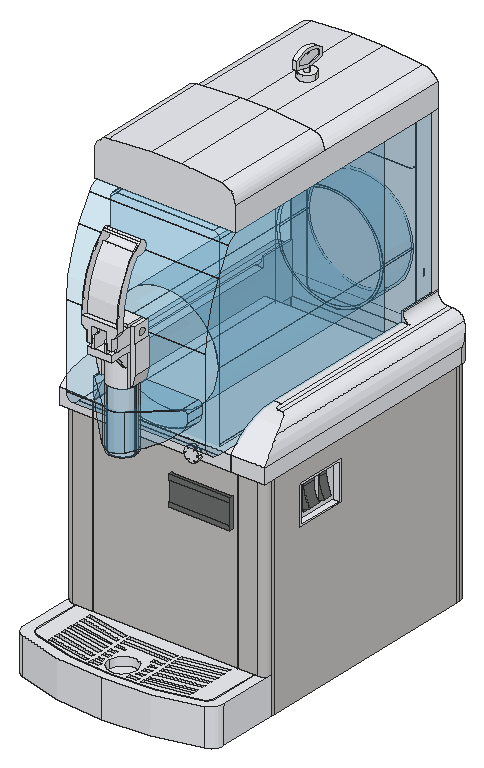
Revit family "QF_ELECTROLUXPROFESSIONAL_560103_SP1NewLUK", category Specialty Equipment, Revit 2018
Family settings
  Round Connector Dimension = Use Diameter
  Part Type = Normal
  Work Plane-Based = No
  Always vertical = Yes
  Cut with Voids When Loaded = No
  Shared = No
  Room Calculation Point = No
Parameters (values of type "Standard")
  Weight = 28.00 kg
  Watts = 0 W
  Volts = 220 V
  URL Manufacturer = "http://professional.electrolux.com"
  URL = "http://professional.electrolux.com"
  Steam Supply Size = 0 mm
  Steam Supply Minimum Pressure = 0.0 Pa
  Steam Supply Maximum Pressure = 0.0 Pa
  Steam Pounds per Hour = 0
  Refrigeration Suction Line Size = 0 mm
  Refrigeration Liquid Line Size = 0 mm
  Refrigerant Compressor Remote = yes
  Manufacturer = "Electrolux Professional"
  Phase = 1
  Model = "SP1NewLUK"
  Length Actual = 262 mm  # constant formula
  Item Number = "560103"
  Hot Water Size = 0 mm
  Height Actual = 613 mm  # constant formula
  HP = "0.4 HP"
  Gas Size = 0 mm
  Gas KW = 0
  Gas Input Pressure = 0 W
  Direct Waste Size = 0 mm
  Description = "1x5 LITERS BOWL - FROZEN GRANITA AND FROZEN CREAM DISPENSER -  1 INSULATED BOWL - LED LIGHT - UK"
  Depth Actual = 429 mm  # constant formula
  Cycle = 50 Hz
  Condensate Return Size = 0 mm
  Compressed Air Volume = 0.0 L/s
  Compressed Air Size = 0 mm
  Compressed Air Pressure = 0.0 Pa
  Cold Water Size = 0 mm
  Accessory = yes
Reference planes
  plane 1 "Center (Front/Back)": y = 0
  plane 2 "BASE": z = 0
  plane 3 "Center (Left/Right)": x = 0
  plane 4 "FEET": z = 14
  plane 5 "BACK": y = 212
  plane 6 "LEFT": x = -131
  plane 7 "RIGHT": x = 131
  plane 8: y = 169
  plane 9: y = -118.5
  plane 10 "Erogatore": through (0, -232.305, 334.252) normal (0, -0.5736, 0.8192)
  plane 11: y = -81
  plane 12 "BackButton": z = 362.798
  plane 13 "SlopeBack": through (0, 294.5, 470.764) normal (0, 0.9659, 0.2588)
  plane 14 "TOP": z = 640
  plane 15 "FRONT": y = -216
Forms (mm)
  Extrusion 1, solid, material "QF_Finishes_Rubber Black"
    sketch origin (-29, 0, 0) x (1, 0, 0) y (0, 1, 0)
      loop
        circle (-71, 169) r 12.5
    from 0 to 3
  Blend 2, solid
    base sketch origin (-29, 0, 0) x (1, 0, 0) y (0, 1, 0)
      loop
        circle (-71, 169) r 15.5
    top sketch origin (-29, 0, 0) x (1, 0, 0) y (0, 1, 0)
      loop
        circle (-71, 169) r 17
    from 3 to 14
  Extrusion 3, solid, material "QF_Finishes_Rubber Black"
    sketch origin (171, 0, 0) x (1, 0, 0) y (0, 1, 0)
      loop
        circle (-71, 169) r 12.5
    from 0 to 3
  Blend 4, solid
    base sketch origin (171, 0, 0) x (1, 0, 0) y (0, 1, 0)
      loop
        circle (-71, 169) r 15.5
    top sketch origin (171, 0, 0) x (1, 0, 0) y (0, 1, 0)
      loop
        circle (-71, 169) r 17
    from 3 to 14
  Extrusion 5, solid, material "QF_Finishes_Rubber Black"
    sketch origin (171, -267.5, 0) x (1, 0, 0) y (0, 1, 0)
      loop
        circle (-71, 186.5) r 12.5
    from 0 to 3
  Blend 6, solid
    base sketch origin (171, -267.5, 0) x (1, 0, 0) y (0, 1, 0)
      loop
        circle (-71, 186.5) r 15.5
    top sketch origin (171, -267.5, 0) x (1, 0, 0) y (0, 1, 0)
      loop
        circle (-71, 186.5) r 17
    from 3 to 14
  Extrusion 7, solid, material "QF_Finishes_Rubber Black"
    sketch origin (-29, -267.5, 0) x (1, 0, 0) y (0, 1, 0)
      loop
        circle (-71, 186.5) r 12.5
    from 0 to 3
  Blend 8, solid
    base sketch origin (-29, -267.5, 0) x (1, 0, 0) y (0, 1, 0)
      loop
        circle (-71, 186.5) r 15.5
    top sketch origin (-29, -267.5, 0) x (1, 0, 0) y (0, 1, 0)
      loop
        circle (-71, 186.5) r 17
    from 3 to 14
  Extrusion 9, solid, material "Glass"
    sketch origin (0, 212, 0) x (-1, 0, 0) y (0, 0, 1)
      loop
        circle (0, 394.542) r 65
      loop
        circle (0, 394.542) r 68
    from -59.276 to -10
  Extrusion 10, solid, material "QF_Finishes_White"
    sketch origin (0.189, -212, -123.048) x (-1, 0, 0) y (0, 0, 1)
      loop
        line (41.631, 426.74) -> (42.799, 423.85)
        arc (42.799, 423.85) -> (41.998, 423.46) -> (41.26, 422.962) r 6.382
        line (41.26, 422.962) -> (39.342, 425.418)
        arc (39.342, 425.418) -> (36.964, 422.682) -> (35.784, 419.255) r 9.498
        line (35.784, 419.255) -> (38.87, 418.821)
        arc (38.87, 418.821) -> (38.808, 417.933) -> (38.87, 417.045) r 6.382
        line (38.87, 417.045) -> (35.784, 416.611)
        arc (35.784, 416.611) -> (36.964, 413.184) -> (39.342, 410.449) r 9.498
        line (39.342, 410.449) -> (41.26, 412.904)
        arc (41.26, 412.904) -> (41.998, 412.406) -> (42.799, 412.016) r 6.382
        line (42.799, 412.016) -> (41.631, 409.127)
        arc (41.631, 409.127) -> (45.189, 408.435) -> (48.747, 409.127) r 9.498
        line (48.747, 409.127) -> (47.58, 412.016)
        arc (47.58, 412.016) -> (48.38, 412.406) -> (49.118, 412.904) r 6.382
        line (49.118, 412.904) -> (51.037, 410.449)
        arc (51.037, 410.449) -> (53.415, 413.184) -> (54.595, 416.611) r 9.498
        line (54.595, 416.611) -> (51.509, 417.045)
        arc (51.509, 417.045) -> (51.571, 417.933) -> (51.509, 418.821) r 6.382
        line (51.509, 418.821) -> (54.595, 419.255)
        arc (54.595, 419.255) -> (53.415, 422.682) -> (51.037, 425.418) r 9.498
        line (51.037, 425.418) -> (49.118, 422.962)
        arc (49.118, 422.962) -> (48.38, 423.46) -> (47.58, 423.85) r 6.382
        line (47.58, 423.85) -> (48.747, 426.74)
        arc (48.747, 426.74) -> (45.189, 427.431) -> (41.631, 426.74) r 9.498
    from 86.951 to 91.847
  Extrusion 11, solid, material "QF_Finishes_White"
    sketch origin (0, 48.357, 801) x (-1, 0, 0) y (0, -1, 0)
      loop
        circle (0, 226.958) r 15.5
    from -371.98 to -493
  Extrusion 12, solid, material "Glass"
    sketch origin (0, 48.357, 801) x (-1, 0, 0) y (0, -1, 0)
      loop
        circle (0, 226.958) r 18
      loop
        circle (0, 226.958) r 16
    from -413.102 to -493
  Extrusion 13, solid, material "QF_Finishes_White"
    sketch origin (0, 48.357, 801) x (-1, 0, 0) y (0, -1, 0)
      loop
        arc (-15.227, 216.452) -> (0, 208.458) -> (15.227, 216.452) r 18.5
        line (15.227, 216.452) -> (15.227, 237.464)
        arc (15.227, 237.464) -> (0, 245.458) -> (-15.227, 237.464) r 18.5
        line (-15.227, 237.464) -> (-15.227, 216.452)
    from -371.98 to -413.102
  Extrusion 14, solid, material "QF_Finishes_White"
    sketch origin (0, 55.382, 805.556) x (-1, 0, 0) y (0, -1, 0)
      loop
        line (15.227, 271.382) -> (-15.227, 271.382) -> (-15.227, 213.658) -> (15.227, 213.658) -> (15.227, 271.382)
    from -368.017 to -376.536
  Extrusion 15, solid, material "QF_Finishes_White"
    sketch origin (0, 53.382, -125.444) x (0, 1, 0) y (0, 0, 1)
      loop
        line (-261.382, 594.51) -> (-261.382, 596.294)
        arc (-261.382, 596.294) -> (-255.05, 633.384) -> (-236.771, 666.272) r 111.793
        arc (-236.771, 666.272) -> (-224.219, 671.737) -> (-234.339, 680.956) r 8.155
        arc (-234.339, 680.956) -> (-260.275, 642.108) -> (-269.382, 596.294) r 119.793
        line (-269.382, 596.294) -> (-269.382, 594.51) -> (-261.382, 594.51)
    from 23.02 to -23.02
  Extrusion 16, void
    sketch origin (0, -212, -130.102) x (-1, 0, 0) y (0, 0, 1)
      loop
        line (-23.02, 594.51) -> (-23.02, 567.641) -> (-15.227, 567.641) -> (-15.227, 586.659)
        arc (-15.227, 586.659) -> (-20.449, 589.269) -> (-23.02, 594.51) r 9.122
      loop
        arc (23.02, 594.51) -> (20.449, 589.269) -> (15.227, 586.659) r 9.122
        line (15.227, 586.659) -> (15.227, 567.641) -> (23.02, 567.641) -> (23.02, 594.51)
      loop
        line (-10.018, 592.641) -> (-10.018, 567.641) -> (9.982, 567.641) -> (9.982, 592.641) -> (-10.018, 592.641)
    from 4 to -4
  Extrusion 17, void
    sketch origin (0, 53.382, -125.444) x (0, 1, 0) y (0, 0, 1)
      loop
        arc (-238.506, 676.569) -> (-261.397, 639.298) -> (-269.382, 596.294) r 119.793
        line (-269.382, 596.294) -> (-262.382, 596.294)
        arc (-262.382, 596.294) -> (-255.831, 634.173) -> (-236.94, 667.653) r 112.793
        arc (-236.94, 667.653) -> (-225.218, 674.307) -> (-238.506, 676.569) r 7.155
    from 22 to -22
  Extrusion 18, solid, material "QF_Finishes_White"
    sketch origin (-131, 53.382, -125.444) x (0, 1, 0) y (0, 0, 1)
      loop
        line (-261.382, 596.294) -> (-269.382, 596.294) -> (-269.382, 567.641) -> (-261.382, 567.641) -> (-261.382, 596.294)
    from 154.02 to 107.98
  Extrusion 19, solid, material "QF_Finishes_White"
    sketch origin (-131, 55.382, -130.102) x (0, 1, 0) y (0, 0, 1)
      loop
        line (-263.382, 567.641) -> (-223.382, 567.641) -> (-223.382, 587.641) -> (-256.513, 587.641)
        arc (-256.513, 587.641) -> (-261.37, 589.653) -> (-263.382, 594.51) r 6.869
        line (-263.382, 594.51) -> (-263.382, 567.641)
    from 115.773 to 107.98
  Extrusion 20, solid, material "QF_Finishes_White"
    sketch origin (-131, 55.382, -130.102) x (0, 1, 0) y (0, 0, 1)
      loop
        line (-263.382, 567.641) -> (-224.483, 567.641) -> (-224.483, 587.641) -> (-256.513, 587.641)
        arc (-256.513, 587.641) -> (-261.37, 589.653) -> (-263.382, 594.51) r 6.869
        line (-263.382, 594.51) -> (-263.382, 567.641)
    from 115.773 to 121.018
  Extrusion 21, solid, material "QF_Finishes_White"
    sketch origin (-131, 55.382, -125.444) x (0, 1, 0) y (0, 0, 1)
      loop
        line (-248.575, 539.464) -> (-246.902, 539.464) -> (-246.902, 554.464) -> (-261.615, 554.464) -> (-248.575, 539.464)
    from 115.773 to 118.85
  Extrusion 22, solid, material "QF_Finishes_White"
    sketch origin (-131, 55.382, -125.444) x (0, 1, 0) y (0, 0, 1)
      loop
        line (-246.902, 554.464) -> (-261.615, 554.464) -> (-248.575, 539.464) -> (-246.902, 539.464) -> (-246.902, 554.464)
    from 143.221 to 146.227
  Extrusion 23, solid, material "QF_Finishes_White"
    sketch origin (-131, 55.382, -125.444) x (0, 1, 0) y (0, 0, 1)
      loop
        line (-263.382, 562.983) -> (-224.483, 562.983) -> (-224.483, 582.983) -> (-256.513, 582.983)
        arc (-256.513, 582.983) -> (-261.37, 584.995) -> (-263.382, 589.852) r 6.869
        line (-263.382, 589.852) -> (-263.382, 562.983)
    from 141.018 to 146.227
  Extrusion 24, solid, material "QF_Finishes_White"
    sketch origin (-131, 53.382, -130.102) x (0, 1, 0) y (0, 0, 1)
      loop
        line (-269.382, 567.641) -> (-221.382, 567.641) -> (-221.382, 586.659) -> (-258.382, 586.659)
        arc (-258.382, 586.659) -> (-260.503, 585.78) -> (-261.382, 583.659) r 3
        line (-261.382, 583.659) -> (-261.382, 582.15) -> (-266.382, 582.15)
        arc (-266.382, 582.15) -> (-268.503, 581.271) -> (-269.382, 579.15) r 3
        line (-269.382, 579.15) -> (-269.382, 567.641)
    from 124.546 to 121.018
  Extrusion 25, solid, material "QF_Finishes_White"
    sketch origin (-131, 65.803, -125.444) x (0, 1, 0) y (0, 0, 1)
      loop
        line (-281.803, 562.983) -> (-234.904, 562.983) -> (-234.904, 582.001) -> (-270.803, 582.001)
        arc (-270.803, 582.001) -> (-272.924, 581.122) -> (-273.803, 579.001) r 3
        line (-273.803, 579.001) -> (-273.803, 577.492) -> (-278.803, 577.492)
        arc (-278.803, 577.492) -> (-280.924, 576.613) -> (-281.803, 574.492) r 3
        line (-281.803, 574.492) -> (-281.803, 562.983)
    from 137.49 to 141.018
  Extrusion 26, solid, material "QF_Finishes_White"
    sketch origin (0, -212, -125.444) x (-1, 0, 0) y (0, 0, 1)
      loop
        line (-18, 517.898) -> (-18, 586.659) -> (-23.482, 586.659) -> (-23.482, 567.641) -> (-24.969, 567.641) -> (-24.969, 530.88) -> (-21, 517.898) -> (-18, 517.898)
      loop
        line (18, 517.898) -> (21, 517.898) -> (24.969, 530.88) -> (24.969, 567.641) -> (23.482, 567.641) -> (23.482, 586.659) -> (18, 586.659) -> (18, 517.898)
    from 43.905 to 22.893
  Extrusion 27, solid, material "QF_Finishes_White"
    sketch origin (0, 65.803, 805.556) x (-1, 0, 0) y (0, -1, 0)
      loop
        line (-15.227, 254.91) -> (-15.227, 233.898) -> (15.227, 233.898) -> (15.227, 254.91) -> (-15.227, 254.91)
    from -344.341 to -348.017
  Extrusion 28, void
    sketch origin (0, 56.778, -130) x (0, 1, 0) y (0, 0, 1)
      loop
        circle (-234.353, 582.005) r 3.978
    from 24.969 to -24.969
  Extrusion 29, solid, material "QF_Finishes_Stainless Steel"
    sketch origin (0, 56.226, -130) x (0, 1, 0) y (0, 0, 1)
      loop
        circle (-234.353, 582.005) r 3.978
    from 24 to -24
  Extrusion 30, solid, material "QF_Finishes_Stainless Steel"
    sketch origin (140, 25, 14) x (-1, 0, 0) y (0, -1, 0)
      loop
        circle (71, 81) r 10
    from 0 to -10
  Extrusion 31, void
    sketch origin (0, 240.916, -140) x (0, 0, 1) y (-1, 0, 0)
      loop
        line (496.312, -81.169) -> (519.521, -81.169)
        arc (519.521, -81.169) -> (523.021, -77.669) -> (519.521, -74.169) r 3.5
        line (519.521, -74.169) -> (496.312, -74.169)
        arc (496.312, -74.169) -> (492.812, -77.669) -> (496.312, -81.169) r 3.5
    from 28.916 to 38.079
  Extrusion 32, solid, material "QF_Finishes_Red"
    sketch origin (0, 240.916, -140) x (0, 0, 1) y (-1, 0, 0)
      loop
        line (507.945, -79.669) -> (517.521, -79.669) -> (517.521, -75.669) -> (507.945, -75.669) -> (507.945, -79.669)
    from 32.664 to 38.079
  Extrusion 33, solid, material "QF_Finishes_Stainless Steel"
    sketch origin (131, 0, 0) x (0, -1, 0) y (0, 0, 1)
      loop
        line (-195.256, 14) -> (96.764, 14) -> (96.764, 286) -> (-195.256, 286) -> (-195.256, 14)
      loop
        line (55.71, 260.287) -> (-9.29, 260.287) -> (-9.29, 210.287) -> (55.71, 210.287) -> (55.71, 260.287)
    from 6 to 3
  Extrusion 34, solid, material "QF_Finishes_Stainless Steel"
    sketch origin (-133, 0, 0) x (0, -1, 0) y (0, 0, -1)
      loop
        line (-195.256, -14) -> (-195.256, -286) -> (96.764, -286) -> (96.764, -14) -> (-195.256, -14)
    from 8 to 5
  Extrusion 35, solid, material "QF_Finishes_Stainless Steel"
    sketch origin (0, 0, 14) x (-1, 0, 0) y (0, -1, 0)
      loop
        line (-128, 100.829) -> (-128, 96.764) -> (-125, 96.764) -> (-125, 100.829)
        arc (-125, 100.829) -> (-122.95, 105.778) -> (-118, 107.829) r 7
        line (-118, 107.829) -> (-93.157, 107.829) -> (-93.157, 110.829) -> (-118, 110.829)
        arc (-118, 110.829) -> (-125.071, 107.9) -> (-128, 100.829) r 10
    from 0 to 272
  Extrusion 36, solid, material "QF_Finishes_Stainless Steel"
    sketch origin (0, 0, 14) x (1, 0, 0) y (0, 1, 0)
      loop
        arc (-128, -100.829) -> (-125.071, -107.9) -> (-118, -110.829) r 10
        line (-118, -110.829) -> (-93.157, -110.829) -> (-93.157, -107.829) -> (-118, -107.829)
        arc (-118, -107.829) -> (-122.95, -105.778) -> (-125, -100.829) r 7
        line (-125, -100.829) -> (-125, -96.764) -> (-128, -96.764) -> (-128, -100.829)
    from 0 to 272
  Extrusion 37, solid, material "QF_Finishes_Stainless Steel"
    sketch origin (0, 98.492, 14) x (-1, 0, 0) y (0, -1, 0)
      loop
        arc (-128, -100.829) -> (-125.071, -107.9) -> (-118, -110.829) r 10
        line (-118, -110.829) -> (-93.157, -110.829) -> (-93.157, -107.829) -> (-118, -107.829)
        arc (-118, -107.829) -> (-122.95, -105.778) -> (-125, -100.829) r 7
        line (-125, -100.829) -> (-125, -96.764) -> (-128, -96.764) -> (-128, -100.829)
    from 0 to 272
  Extrusion 38, solid, material "QF_Finishes_Stainless Steel"
    sketch origin (0, 98.492, 14) x (1, 0, 0) y (0, 1, 0)
      loop
        line (-128, 100.829) -> (-128, 96.764) -> (-125, 96.764) -> (-125, 100.829)
        arc (-125, 100.829) -> (-122.95, 105.778) -> (-118, 107.829) r 7
        line (-118, 107.829) -> (-93.157, 107.829) -> (-93.157, 110.829) -> (-118, 110.829)
        arc (-118, 110.829) -> (-125.071, 107.9) -> (-128, 100.829) r 10
    from 0 to 272
  Extrusion 39, solid, material "QF_Finishes_White"
    sketch origin (0, 0, 14) x (-1, 0, 0) y (0, -1, 0)
      loop
        line (93.157, -209.321) -> (93.157, -206.321) -> (-93.157, -206.321) -> (-93.157, -209.321) -> (93.157, -209.321)
    from 0 to 272
  Extrusion 40, solid, material "QF_Finishes_Stainless Steel"
    sketch origin (0, 0, 14) x (-1, 0, 0) y (0, -1, 0)
      loop
        line (93.157, 107.829) -> (93.157, 110.829) -> (-93.157, 110.829) -> (-93.157, 107.829) -> (93.157, 107.829)
    from 0 to 272
  Extrusion 41, solid, material "QF_Finishes_White"
    sketch origin (0, 212, 0) x (-1, 0, 0) y (0, 0, 1)
      loop
        line (-88, 286) -> (-88, 351) -> (-90.028, 351) -> (-90.028, 349.598)
        arc (-90.028, 349.598) -> (-93.627, 340.909) -> (-102.317, 337.309) r 12.289
        line (-102.317, 337.309) -> (-109.296, 337.309)
        arc (-109.296, 337.309) -> (-117.695, 334.961) -> (-123.658, 328.597) r 16.194
        arc (-123.658, 328.597) -> (-129.118, 317.88) -> (-131, 306) r 38.445
        line (-131, 306) -> (-131, 286) -> (-88, 286)
      loop
        line (88, 286) -> (131, 286) -> (131, 306)
        arc (131, 306) -> (129.118, 317.88) -> (123.658, 328.597) r 38.445
        arc (123.658, 328.597) -> (117.695, 334.961) -> (109.296, 337.309) r 16.194
        line (109.296, 337.309) -> (102.317, 337.309)
        arc (102.317, 337.309) -> (93.627, 340.909) -> (90.028, 349.598) r 12.289
        line (90.028, 349.598) -> (90.028, 351) -> (88, 351) -> (88, 286)
    from 0 to -327.977
  Extrusion 42, void
    sketch origin (0, 0, 0) x (0, 1, 0) y (0, 0, 1)
      loop
        line (157, 351) -> (-115.977, 351) -> (-115.977, 306)
        arc (-115.977, 306) -> (-85.566, 329.6) -> (-48, 338) r 88.201
        line (-48, 338) -> (157, 338) -> (157, 351)
    from -135 to 135
  Extrusion 43, solid, material "Glass"
    sketch origin (0, 212, 0) x (-1, 0, 0) y (0, 0, 1)
      loop
        circle (0, 394.542) r 68
      loop
        line (69.972, 309) -> (69.972, 543)
        arc (69.972, 543) -> (67.629, 548.657) -> (61.972, 551) r 8
        line (61.972, 551) -> (-62.028, 551)
        arc (-62.028, 551) -> (-67.685, 548.657) -> (-70.028, 543) r 8
        line (-70.028, 543) -> (-70.028, 308.956)
        arc (-70.028, 308.956) -> (-67.698, 303.33) -> (-62.072, 301) r 7.956
        line (-62.072, 301) -> (61.972, 301)
        arc (61.972, 301) -> (67.629, 303.343) -> (69.972, 309) r 8
    from -59.276 to -322.829
  Extrusion 44, solid, material "QF_Finishes_White"
    sketch origin (0, 212, 0) x (-1, 0, 0) y (0, 0, 1)
      loop
        line (90.028, 558.048) -> (90.028, 589.456)
        arc (90.028, 589.456) -> (84.981, 602.738) -> (72.387, 609.316) r 20
        arc (72.387, 609.316) -> (44.744, 611.967) -> (17.01, 613.364) r 613.713
        arc (17.01, 613.364) -> (-1.88, 613.597) -> (-20.769, 613.248) r 613.713
        arc (-20.769, 613.248) -> (-46.619, 611.827) -> (-72.387, 609.316) r 613.713
        arc (-72.387, 609.316) -> (-84.981, 602.738) -> (-90.028, 589.456) r 20
        line (-90.028, 589.456) -> (-90.028, 558.048) -> (90.028, 558.048)
    from -323 to 0
  Extrusion 45, solid, material "QF_Finishes_White"
    sketch origin (0, -212, 0) x (-1, 0, 0) y (0, 0, 1)
      loop
        line (88, 306) -> (-88, 306) -> (-88, 286) -> (88, 286) -> (88, 306)
    from 96.023 to 369
  Extrusion 46, solid, material "QF_Finishes_White"
    sketch origin (-0.189, -212, -123.048) x (1, 0, 0) y (0, 0, -1)
      loop
        arc (41.631, -426.74) -> (45.189, -427.431) -> (48.747, -426.74) r 9.498
        line (48.747, -426.74) -> (47.58, -423.85)
        arc (47.58, -423.85) -> (48.38, -423.46) -> (49.118, -422.962) r 6.382
        line (49.118, -422.962) -> (51.037, -425.418)
        arc (51.037, -425.418) -> (53.415, -422.682) -> (54.595, -419.255) r 9.498
        line (54.595, -419.255) -> (51.509, -418.821)
        arc (51.509, -418.821) -> (51.571, -417.933) -> (51.509, -417.045) r 6.382
        line (51.509, -417.045) -> (54.595, -416.611)
        arc (54.595, -416.611) -> (53.415, -413.184) -> (51.037, -410.449) r 9.498
        line (51.037, -410.449) -> (49.118, -412.904)
        arc (49.118, -412.904) -> (48.38, -412.406) -> (47.58, -412.016) r 6.382
        line (47.58, -412.016) -> (48.747, -409.127)
        arc (48.747, -409.127) -> (45.189, -408.435) -> (41.631, -409.127) r 9.498
        line (41.631, -409.127) -> (42.799, -412.016)
        arc (42.799, -412.016) -> (41.998, -412.406) -> (41.26, -412.904) r 6.382
        line (41.26, -412.904) -> (39.342, -410.449)
        arc (39.342, -410.449) -> (36.964, -413.184) -> (35.784, -416.611) r 9.498
        line (35.784, -416.611) -> (38.87, -417.045)
        arc (38.87, -417.045) -> (38.808, -417.933) -> (38.87, -418.821) r 6.382
        line (38.87, -418.821) -> (35.784, -419.255)
        arc (35.784, -419.255) -> (36.964, -422.682) -> (39.342, -425.418) r 9.498
        line (39.342, -425.418) -> (41.26, -422.962)
        arc (41.26, -422.962) -> (41.998, -423.46) -> (42.799, -423.85) r 6.382
        line (42.799, -423.85) -> (41.631, -426.74)
    from 86.951 to 91.847
  Extrusion 47, solid, material "QF_Finishes_Rubber Black"
    sketch origin (0, 0, 0) x (0, 1, 0) y (0, 0, 1)
      loop
        line (-110.829, 255.595) -> (-115.977, 255.595) -> (-115.977, 249.595) -> (-115.179, 249.595) -> (-115.179, 223.805) -> (-115.977, 223.805) -> (-115.977, 217.805) -> (-110.829, 217.805) -> (-110.829, 255.595)
    from 8.945 to 86.168
  Extrusion 48, solid, material "QF_Finishes_White"
    sketch origin (0, 0, 14) x (-1, 0, 0) y (0, -1, 0)
      loop
        line (128, 100.829) -> (128, 176.764)
        arc (128, 176.764) -> (124.847, 186.764) -> (116.528, 193.147) r 17.434
        arc (116.528, 193.147) -> (59.156, 208.086) -> (0, 212) r 314.7
        arc (0, 212) -> (-59.156, 208.086) -> (-116.528, 193.147) r 314.7
        arc (-116.528, 193.147) -> (-124.847, 186.764) -> (-128, 176.764) r 17.434
        line (-128, 176.764) -> (-128, 100.829)
        arc (-128, 100.829) -> (-125.071, 107.9) -> (-118, 110.829) r 10
        line (-118, 110.829) -> (-114, 110.829) -> (-114, 172.813)
        arc (-114, 172.813) -> (-111.75, 179.808) -> (-105.843, 184.18) r 12
        arc (-105.843, 184.18) -> (-53.626, 196.802) -> (0, 199.995) r 302.7
        arc (0, 199.995) -> (53.626, 196.802) -> (105.843, 184.18) r 302.7
        arc (105.843, 184.18) -> (111.75, 179.808) -> (114, 172.813) r 12
        line (114, 172.813) -> (114, 110.829) -> (118, 110.829)
        arc (118, 110.829) -> (125.071, 107.9) -> (128, 100.829) r 10
    from 0 to 47
  Extrusion 49, solid, material "QF_Finishes_White"
    sketch origin (0, 0, 14) x (-1, 0, 0) y (0, -1, 0)
      loop
        arc (114, 172.813) -> (111.75, 179.808) -> (105.843, 184.18) r 12
        arc (105.843, 184.18) -> (53.626, 196.802) -> (0, 199.995) r 302.7
        arc (0, 199.995) -> (-53.626, 196.802) -> (-105.843, 184.18) r 302.7
        arc (-105.843, 184.18) -> (-111.75, 179.808) -> (-114, 172.813) r 12
        line (-114, 172.813) -> (-114, 110.829) -> (114, 110.829) -> (114, 172.813)
    from 36.6 to 47
  Extrusion 50, solid, material "QF_Finishes_White"
    sketch origin (0, 0, 14) x (-1, 0, 0) y (0, -1, 0)
      loop
        arc (114, 172.813) -> (111.75, 179.808) -> (105.843, 184.18) r 12
        arc (105.843, 184.18) -> (53.626, 196.802) -> (0, 199.995) r 302.7
        arc (0, 199.995) -> (-53.626, 196.802) -> (-105.843, 184.18) r 302.7
        arc (-105.843, 184.18) -> (-111.75, 179.808) -> (-114, 172.813) r 12
        line (-114, 172.813) -> (-114, 110.829) -> (114, 110.829) -> (114, 172.813)
    from 0 to 10
  Extrusion 51, void
    sketch origin (0, 0, 14) x (-1, 0, 0) y (0, -1, 0)
      loop
        circle (0, 178.601) r 18.039
      loop
        line (35.093, 193.971) -> (35.093, 188.951)
        arc (35.093, 188.951) -> (62.934, 185.094) -> (90.277, 178.584) r 292.7
        line (90.277, 178.584) -> (90.277, 183.786)
        arc (90.277, 183.786) -> (62.925, 190.182) -> (35.093, 193.971) r 297.7
      loop
        line (35.093, 183.971) -> (35.093, 178.951)
        arc (35.093, 178.951) -> (62.934, 175.094) -> (90.277, 168.584) r 292.7
        line (90.277, 168.584) -> (90.277, 173.786)
        arc (90.277, 173.786) -> (62.925, 180.182) -> (35.093, 183.971) r 297.7
      loop
        line (35.093, 173.971) -> (35.093, 168.951)
        arc (35.093, 168.951) -> (62.934, 165.094) -> (90.277, 158.584) r 292.7
        line (90.277, 158.584) -> (90.277, 163.786)
        arc (90.277, 163.786) -> (62.925, 170.182) -> (35.093, 173.971) r 297.7
      loop
        line (35.093, 163.971) -> (35.093, 158.951)
        arc (35.093, 158.951) -> (62.934, 155.094) -> (90.277, 148.584) r 292.7
        line (90.277, 148.584) -> (90.277, 153.786)
        arc (90.277, 153.786) -> (62.925, 160.182) -> (35.093, 163.971) r 297.7
      loop
        line (35.093, 153.971) -> (35.093, 148.951)
        arc (35.093, 148.951) -> (62.934, 145.094) -> (90.277, 138.584) r 292.7
        line (90.277, 138.584) -> (90.277, 143.786)
        arc (90.277, 143.786) -> (62.925, 150.182) -> (35.093, 153.971) r 297.7
      loop
        line (35.093, 143.971) -> (35.093, 138.951)
        arc (35.093, 138.951) -> (62.934, 135.094) -> (90.277, 128.584) r 292.7
        line (90.277, 128.584) -> (90.277, 133.786)
        arc (90.277, 133.786) -> (62.925, 140.182) -> (35.093, 143.971) r 297.7
      loop
        line (35.093, 133.971) -> (35.093, 128.951)
        arc (35.093, 128.951) -> (62.934, 125.094) -> (90.277, 118.584) r 292.7
        line (90.277, 118.584) -> (90.277, 123.786)
        arc (90.277, 123.786) -> (62.925, 130.182) -> (35.093, 133.971) r 297.7
      loop
        arc (-35.093, 193.971) -> (-62.925, 190.182) -> (-90.277, 183.786) r 297.7
        line (-90.277, 183.786) -> (-90.277, 178.584)
        arc (-90.277, 178.584) -> (-62.934, 185.094) -> (-35.093, 188.951) r 292.7
        line (-35.093, 188.951) -> (-35.093, 193.971)
      loop
        arc (-35.093, 183.971) -> (-62.925, 180.182) -> (-90.277, 173.786) r 297.7
        line (-90.277, 173.786) -> (-90.277, 168.584)
        arc (-90.277, 168.584) -> (-62.934, 175.094) -> (-35.093, 178.951) r 292.7
        line (-35.093, 178.951) -> (-35.093, 183.971)
      loop
        arc (-35.093, 173.971) -> (-62.925, 170.182) -> (-90.277, 163.786) r 297.7
        line (-90.277, 163.786) -> (-90.277, 158.584)
        arc (-90.277, 158.584) -> (-62.934, 165.094) -> (-35.093, 168.951) r 292.7
        line (-35.093, 168.951) -> (-35.093, 173.971)
      loop
        arc (-35.093, 163.971) -> (-62.925, 160.182) -> (-90.277, 153.786) r 297.7
        line (-90.277, 153.786) -> (-90.277, 148.584)
        arc (-90.277, 148.584) -> (-62.934, 155.094) -> (-35.093, 158.951) r 292.7
        line (-35.093, 158.951) -> (-35.093, 163.971)
      loop
        arc (-35.093, 153.971) -> (-62.925, 150.182) -> (-90.277, 143.786) r 297.7
        line (-90.277, 143.786) -> (-90.277, 138.584)
        arc (-90.277, 138.584) -> (-62.934, 145.094) -> (-35.093, 148.951) r 292.7
        line (-35.093, 148.951) -> (-35.093, 153.971)
      loop
        arc (-35.093, 143.971) -> (-62.925, 140.182) -> (-90.277, 133.786) r 297.7
        line (-90.277, 133.786) -> (-90.277, 128.584)
        arc (-90.277, 128.584) -> (-62.934, 135.094) -> (-35.093, 138.951) r 292.7
        line (-35.093, 138.951) -> (-35.093, 143.971)
      loop
        arc (-35.093, 133.971) -> (-62.925, 130.182) -> (-90.277, 123.786) r 297.7
        line (-90.277, 123.786) -> (-90.277, 118.584)
        arc (-90.277, 118.584) -> (-62.934, 125.094) -> (-35.093, 128.951) r 292.7
        line (-35.093, 128.951) -> (-35.093, 133.971)
      loop
        arc (30.3, 194.288) -> (24.151, 194.546) -> (18, 194.745) r 649.216
        line (18, 194.745) -> (18, 189.743)
        arc (18, 189.743) -> (24.151, 189.542) -> (30.3, 189.282) r 644.216
        line (30.3, 189.282) -> (30.3, 194.288)
      loop
        line (-30.3, 194.288) -> (-30.3, 189.282)
        arc (-30.3, 189.282) -> (-24.151, 189.542) -> (-18, 189.743) r 644.216
        line (-18, 189.743) -> (-18, 194.745)
        arc (-18, 194.745) -> (-24.151, 194.546) -> (-30.3, 194.288) r 649.216
      loop
        arc (30.3, 184.288) -> (25.651, 184.488) -> (21, 184.655) r 649.216
        line (21, 184.655) -> (21, 179.653)
        arc (21, 179.653) -> (25.651, 179.484) -> (30.3, 179.282) r 644.216
        line (30.3, 179.282) -> (30.3, 184.288)
      loop
        arc (30.3, 174.288) -> (25.651, 174.488) -> (21, 174.655) r 649.216
        line (21, 174.655) -> (21, 169.653)
        arc (21, 169.653) -> (25.651, 169.484) -> (30.3, 169.282) r 644.216
        line (30.3, 169.282) -> (30.3, 174.288)
      loop
        arc (30.3, 164.288) -> (25.651, 164.488) -> (21, 164.655) r 649.216
        line (21, 164.655) -> (21, 159.653)
        arc (21, 159.653) -> (25.651, 159.484) -> (30.3, 159.282) r 644.216
        line (30.3, 159.282) -> (30.3, 164.288)
      loop
        arc (30.3, 154.288) -> (23.411, 154.573) -> (16.519, 154.785) r 649.216
        line (16.519, 154.785) -> (16.519, 149.783)
        arc (16.519, 149.783) -> (23.411, 149.569) -> (30.3, 149.282) r 644.216
        line (30.3, 149.282) -> (30.3, 154.288)
      loop
        arc (30.3, 144.288) -> (0, 144.995) -> (-30.3, 144.288) r 649.216
        line (-30.3, 144.288) -> (-30.3, 139.282)
        arc (-30.3, 139.282) -> (0, 139.995) -> (30.3, 139.282) r 644.216
        line (30.3, 139.282) -> (30.3, 144.288)
      loop
        arc (30.3, 134.288) -> (0, 134.995) -> (-30.3, 134.288) r 649.216
        line (-30.3, 134.288) -> (-30.3, 129.282)
        arc (-30.3, 129.282) -> (0, 129.995) -> (30.3, 129.282) r 644.216
        line (30.3, 129.282) -> (30.3, 134.288)
      loop
        line (-30.3, 184.288) -> (-30.3, 179.282)
        arc (-30.3, 179.282) -> (-25.651, 179.484) -> (-21, 179.653) r 644.216
        line (-21, 179.653) -> (-21, 184.655)
        arc (-21, 184.655) -> (-25.651, 184.488) -> (-30.3, 184.288) r 649.216
      loop
        line (-30.3, 174.288) -> (-30.3, 169.282)
        arc (-30.3, 169.282) -> (-25.651, 169.484) -> (-21, 169.653) r 644.216
        line (-21, 169.653) -> (-21, 174.655)
        arc (-21, 174.655) -> (-25.651, 174.488) -> (-30.3, 174.288) r 649.216
      loop
        line (-30.3, 164.288) -> (-30.3, 159.282)
        arc (-30.3, 159.282) -> (-25.651, 159.484) -> (-21, 159.653) r 644.216
        line (-21, 159.653) -> (-21, 164.655)
        arc (-21, 164.655) -> (-25.651, 164.488) -> (-30.3, 164.288) r 649.216
      loop
        line (-30.3, 154.288) -> (-30.3, 149.282)
        arc (-30.3, 149.282) -> (-23.411, 149.569) -> (-16.519, 149.783) r 644.216
        line (-16.519, 149.783) -> (-16.519, 154.785)
        arc (-16.519, 154.785) -> (-23.411, 154.573) -> (-30.3, 154.288) r 649.216
    from 31.525 to 49.806
  Extrusion 52, solid, material "QF_Finishes_White"
    sketch origin (0, 0, 0) x (0, 1, 0) y (0, 0, 1)
      loop
        line (-55.71, 260.287) -> (-55.71, 210.287) -> (9.29, 210.287) -> (9.29, 260.287) -> (-55.71, 260.287)
    from 118 to 128
  Extrusion 53, void
    sketch origin (0, 0, 0) x (0, 1, 0) y (0, 0, 1)
      loop
        line (-53.71, 258.287) -> (-53.71, 212.287) -> (7.29, 212.287) -> (7.29, 258.287) -> (-53.71, 258.287)
    from 120 to 128
  Extrusion 54, solid, material "QF_Finishes_Rubber Black"
    sketch origin (0, -212, 0) x (-1, 0, 0) y (0, 0, 1)
      loop
        line (-120, 252.561) -> (-122.245, 252.561) -> (-122.245, 249.661)
        arc (-122.245, 249.661) -> (-124.002, 237.136) -> (-129.137, 225.577) r 45.529
        line (-129.137, 225.577) -> (-122.245, 222.509) -> (-122.245, 220.4) -> (-120, 220.4) -> (-120, 252.561)
    from 185 to 170
  Extrusion 55, solid, material "QF_Finishes_Rubber Black"
    sketch origin (0, -212, 0) x (-1, 0, 0) y (0, 0, 1)
      loop
        line (-120, 252.561) -> (-122.245, 252.561) -> (-122.245, 249.661)
        arc (-122.245, 249.661) -> (-124.002, 237.136) -> (-129.137, 225.577) r 45.529
        line (-129.137, 225.577) -> (-122.245, 222.509) -> (-122.245, 220.4) -> (-120, 220.4) -> (-120, 252.561)
    from 205 to 195
  Extrusion 56, solid, material "QF_Finishes_White"
    sketch origin (-131, 55.382, -125.444) x (0, 1, 0) y (0, 0, 1)
      loop
        line (-261.615, 554.464) -> (-248.575, 539.464) -> (-246.902, 539.464) -> (-246.902, 554.464) -> (-261.615, 554.464)
    from 143.221 to 146.227
  Extrusion 57, void
    sketch origin (0, 0, 14) x (-1, 0, 0) y (0, -1, 0)
      loop
        line (68.799, 141.983) -> (68.799, 216) -> (-68.799, 216) -> (-68.799, 141.983) -> (-14.053, 193.527)
        arc (-14.053, 193.527) -> (0, 199.101) -> (14.053, 193.527) r 20.5
        line (14.053, 193.527) -> (68.799, 141.983)
    from 285.914 to 353.792
  Extrusion 58, solid, material "Glass"
    sketch origin (0, -212, 0) x (-1, 0, 0) y (0, 0, 1)
      loop
        line (55, 361.368) -> (-55, 361.368)
        arc (-55, 361.368) -> (-58.536, 359.903) -> (-60, 356.368) r 5
        line (-60, 356.368) -> (-60, 346.588)
        arc (-60, 346.588) -> (-58.765, 340.628) -> (-55.264, 335.649) r 15
        arc (-55.264, 335.649) -> (0, 313.78) -> (55.264, 335.649) r 80.762
        arc (55.264, 335.649) -> (58.765, 340.628) -> (60, 346.588) r 15
        line (60, 346.588) -> (60, 356.368)
        arc (60, 356.368) -> (58.536, 359.903) -> (55, 361.368) r 5
    from 85.6 to 6.421
  Extrusion 59, solid, material "QF_Finishes_White"
    sketch origin (0.031, 16.704, -263) x (0, 1, 0) y (0, 0, 1)
      loop
        line (99.092, 881.377) -> (118.655, 885.535) -> (118.655, 895.535)
        arc (118.655, 895.535) -> (99.092, 903) -> (79.529, 895.535) r 29.367
        line (79.529, 895.535) -> (79.529, 885.535) -> (99.092, 881.377)
      loop
        arc (115.655, 894.149) -> (99.092, 900) -> (82.529, 894.149) r 26.367
        line (82.529, 894.149) -> (82.529, 887.965) -> (99.092, 884.444) -> (115.655, 887.965) -> (115.655, 894.149)
    from -3 to 3
  Extrusion 60, solid, material "QF_Finishes_White"
    sketch origin (0.031, 16.704, -263) x (0, 1, 0) y (0, 0, 1)
      loop
        line (115.655, 887.965) -> (115.655, 894.149)
        arc (115.655, 894.149) -> (99.092, 900) -> (82.529, 894.149) r 26.367
        line (82.529, 894.149) -> (82.529, 887.965) -> (99.092, 884.444) -> (115.655, 887.965)
      loop
        circle (99.092, 896.274) r 2.509
    from 1 to -1
  Extrusion 61, solid, material "QF_Finishes_White"
    sketch origin (0.031, 16.704, 667) x (-1, 0, 0) y (0, -1, 0)
      loop
        circle (0, -99.092) r 3
    from -45.737 to -54.525
  Extrusion 62, solid, material "QF_Finishes_White"
    sketch origin (0, -70, 0) x (1, 0, 0) y (0, 1, 0)
      loop
        circle (0.031, 185.796) r 11
    from 606 to 613
  Extrusion 63, solid, material "QF_Clearances", detail levels coarse
    sketch origin (-99.19, 2.341, 0) x (1, 0, 0) y (0, 1, 0)
      loop
        line (-31.81, -218.341) -> (-31.81, 209.659) -> (230.19, 209.659) -> (230.19, -218.341) -> (430.19, -218.341) -> (430.19, 409.659) -> (-231.81, 409.659) -> (-231.81, -218.341) -> (-31.81, -218.341)
    from 0 to 640
  Extrusion 64, solid, material "Glass"
    sketch origin (0, 0, 0) x (0, 1, 0) y (0, 0, 1)
      loop
        arc (-158.276, 334.912) -> (-152.418, 320.769) -> (-138.276, 314.912) r 20
        line (-138.276, 314.912) -> (202, 314.912) -> (202, 558.048) -> (-103.948, 558.048)
        arc (-103.948, 558.048) -> (-114.098, 555.281) -> (-121.44, 547.744) r 20
        line (-121.44, 547.744) -> (-138.215, 517.481)
        arc (-138.215, 517.481) -> (-153.18, 479.972) -> (-158.276, 439.912) r 160
        line (-158.276, 439.912) -> (-158.276, 334.912)
    from -88 to 90.028
  Extrusion 65, void
    sketch origin (0, -212, 0) x (-1, 0, 0) y (0, 0, 1)
      loop
        arc (72.387, 609.316) -> (44.744, 611.967) -> (17.01, 613.364) r 613.713
        arc (17.01, 613.364) -> (-1.88, 613.597) -> (-20.769, 613.248) r 613.713
        arc (-20.769, 613.248) -> (-46.619, 611.827) -> (-72.387, 609.316) r 613.713
        arc (-72.387, 609.316) -> (-84.981, 602.738) -> (-90.028, 589.456) r 20
        arc (-90.028, 589.456) -> (-82.37, 598.235) -> (-71.481, 602.374) r 24
        arc (-71.481, 602.374) -> (-46.047, 604.85) -> (-20.532, 606.252) r 606.713
        arc (-20.532, 606.252) -> (-1.859, 606.597) -> (16.816, 606.367) r 606.713
        arc (16.816, 606.367) -> (44.194, 604.988) -> (71.481, 602.374) r 606.713
        arc (71.481, 602.374) -> (82.37, 598.235) -> (90.028, 589.456) r 24
        arc (90.028, 589.456) -> (84.981, 602.738) -> (72.387, 609.316) r 20
    from 242.859 to 424
  Extrusion 66, solid, material "QF_Finishes_White"
    sketch origin (0, 212, 0) x (-1, 0, 0) y (0, 0, 1)
      loop
        line (-90.028, 558.048) -> (-90.028, 351) -> (-88, 351) -> (-88, 286) -> (88, 286) -> (88, 351) -> (90.028, 351) -> (90.028, 558.048) -> (-90.028, 558.048)
      loop
        arc (61.972, 301) -> (67.629, 303.343) -> (69.972, 309) r 8
        line (69.972, 309) -> (69.972, 543)
        arc (69.972, 543) -> (67.629, 548.657) -> (61.972, 551) r 8
        line (61.972, 551) -> (-62.028, 551)
        arc (-62.028, 551) -> (-67.685, 548.657) -> (-70.028, 543) r 8
        line (-70.028, 543) -> (-70.028, 308.956)
        arc (-70.028, 308.956) -> (-67.698, 303.33) -> (-62.072, 301) r 7.956
        line (-62.072, 301) -> (61.972, 301)
    from 0 to -10
  Extrusion 67, solid, material "QF_Finishes_White"
    sketch origin (0, 212, 0) x (-1, 0, 0) y (0, 0, 1)
      loop
        arc (-70.028, 308.956) -> (-67.698, 303.33) -> (-62.072, 301) r 7.956
        line (-62.072, 301) -> (61.972, 301)
        arc (61.972, 301) -> (67.629, 303.343) -> (69.972, 309) r 8
        line (69.972, 309) -> (69.972, 493.849)
        arc (69.972, 493.849) -> (67.629, 488.193) -> (61.972, 485.849) r 8
        line (61.972, 485.849) -> (-62.028, 485.849)
        arc (-62.028, 485.849) -> (-67.685, 488.193) -> (-70.028, 493.849) r 8
        line (-70.028, 493.849) -> (-70.028, 308.956)
    from 0 to -10
  Extrusion 68, solid, material "QF_Finishes_White"
    sketch origin (0, 212, 0) x (-1, 0, 0) y (0, 0, 1)
      loop
        line (-70.028, 543) -> (-70.028, 493.849)
        arc (-70.028, 493.849) -> (-67.685, 488.193) -> (-62.028, 485.849) r 8
        line (-62.028, 485.849) -> (61.972, 485.849)
        arc (61.972, 485.849) -> (67.629, 488.193) -> (69.972, 493.849) r 8
        line (69.972, 493.849) -> (69.972, 543)
        arc (69.972, 543) -> (67.629, 548.657) -> (61.972, 551) r 8
        line (61.972, 551) -> (-62.028, 551)
        arc (-62.028, 551) -> (-67.685, 548.657) -> (-70.028, 543) r 8
    from 0 to -10
  Extrusion 69, void
    sketch origin (0, 212, 0) x (-1, 0, 0) y (0, 0, 1)
      loop
        arc (-74.482, 439.575) -> (-77.31, 438.403) -> (-78.482, 435.575) r 4
        line (-78.482, 435.575) -> (-78.482, 426.169)
        arc (-78.482, 426.169) -> (-77.31, 423.34) -> (-74.482, 422.169) r 4
        line (-74.482, 422.169) -> (-42.482, 422.169)
        arc (-42.482, 422.169) -> (-39.653, 423.34) -> (-38.482, 426.169) r 4
        line (-38.482, 426.169) -> (-38.482, 435.575)
        arc (-38.482, 435.575) -> (-39.653, 438.403) -> (-42.482, 439.575) r 4
        line (-42.482, 439.575) -> (-74.482, 439.575)
    from 0 to -3.748
  Extrusion 70, solid, material "QF_Plastic-Black-Matte"
    sketch origin (0, 212, 0) x (-1, 0, 0) y (0, 0, 1)
      loop
        arc (-74.482, 438.575) -> (-76.603, 437.696) -> (-77.482, 435.575) r 3
        line (-77.482, 435.575) -> (-77.482, 426.169)
        arc (-77.482, 426.169) -> (-76.603, 424.047) -> (-74.482, 423.169) r 3
        line (-74.482, 423.169) -> (-42.482, 423.169)
        arc (-42.482, 423.169) -> (-40.36, 424.047) -> (-39.482, 426.169) r 3
        line (-39.482, 426.169) -> (-39.482, 435.575)
        arc (-39.482, 435.575) -> (-40.36, 437.696) -> (-42.482, 438.575) r 3
        line (-42.482, 438.575) -> (-74.482, 438.575)
    from 0 to -5
  Extrusion 71, void
    sketch origin (0, 0, 0) x (1, 0, 0) y (0, 1, 0)
      loop
        line (-118.054, 212) -> (-131, 212) -> (-131, 199.916)
        arc (-131, 199.916) -> (-126.909, 208.51) -> (-118.054, 212) r 12.977
      loop
        arc (118.054, 212) -> (126.909, 208.51) -> (131, 199.916) r 12.977
        line (131, 199.916) -> (131, 212) -> (118.054, 212)
    from 286 to 337.309
Cuts and joins
  Extrusion 16 cuts Extrusion 14
  Extrusion 16, Extrusion 17 cuts Extrusion 15
  Extrusion 16 cuts Extrusion 18
  joined: Extrusion 15, Extrusion 18, Extrusion 19
  joined: Extrusion 13, Extrusion 22
  Extrusion 28 cuts Extrusion 20
  Extrusion 28 cuts Extrusion 23
  Extrusion 28 cuts Extrusion 24
  Extrusion 28 cuts Extrusion 25
  Extrusion 28 cuts Extrusion 26
  Extrusion 42, Extrusion 71 cuts Extrusion 41
  Extrusion 31 cuts Extrusion 43
  Extrusion 51, Extrusion 57 cuts Extrusion 48
  Extrusion 51, Extrusion 57 cuts Extrusion 50
  joined: Extrusion 48, Extrusion 50
  Extrusion 51, Extrusion 57 cuts Extrusion 49
  Extrusion 53 cuts Extrusion 52
  Extrusion 57 cuts Extrusion 58
  Extrusion 65 cuts Extrusion 44
  Extrusion 31, Extrusion 69 cuts Extrusion 66
  Extrusion 69, Extrusion 71 cuts Extrusion 63
  Extrusion 69 cuts Extrusion 67
Lines and regions (mm)
  Split face 1
    outline origin (0, -115.179, 223.805) x (0, 0, 1) y (-1, 0, 0)
      loop
        spline (19.07, -11.425) -> (18.107, -11.614) -> (17.209, -12.168) -> (16.438, -13.05) -> (15.846, -14.2) -> (15.474, -15.539) -> (15.347, -16.975) -> (15.474, -18.412) -> (15.846, -19.751) -> (16.438, -20.9) -> (17.209, -21.782) -> (18.107, -22.337) -> (19.07, -22.526)
        spline (19.07, -22.526) -> (20.034, -22.337) -> (20.932, -21.782) -> (21.703, -20.9) -> (22.295, -19.751) -> (22.666, -18.412) -> (22.793, -16.975) -> (22.666, -15.539) -> (22.295, -14.2) -> (21.703, -13.05) -> (20.932, -12.168) -> (20.034, -11.614) -> (19.07, -11.425)
  Split face 2
    outline origin (0, -115.179, 211.787) x (0, 0, 1) y (-1, 0, 0)
      loop
        spline (19.07, -11.425) -> (18.107, -11.614) -> (17.209, -12.168) -> (16.438, -13.05) -> (15.846, -14.2) -> (15.474, -15.539) -> (15.347, -16.975) -> (15.474, -18.412) -> (15.846, -19.751) -> (16.438, -20.9) -> (17.209, -21.782) -> (18.107, -22.337) -> (19.07, -22.526)
        spline (19.07, -22.526) -> (20.034, -22.337) -> (20.932, -21.782) -> (21.703, -20.9) -> (22.295, -19.751) -> (22.666, -18.412) -> (22.793, -16.975) -> (22.666, -15.539) -> (22.295, -14.2) -> (21.703, -13.05) -> (20.932, -12.168) -> (20.034, -11.614) -> (19.07, -11.425)
  Split face 3
    outline origin (95.114, -115.179, 223.805) x (0, 0, 1) y (-1, 0, 0)
      loop
        spline (19.07, 11.425) -> (20.034, 11.614) -> (20.932, 12.168) -> (21.703, 13.05) -> (22.295, 14.2) -> (22.666, 15.539) -> (22.793, 16.975) -> (22.666, 18.412) -> (22.295, 19.751) -> (21.703, 20.9) -> (20.932, 21.782) -> (20.034, 22.337) -> (19.07, 22.526)
        spline (19.07, 22.526) -> (18.107, 22.337) -> (17.209, 21.782) -> (16.438, 20.9) -> (15.846, 19.751) -> (15.474, 18.412) -> (15.347, 16.975) -> (15.474, 15.539) -> (15.846, 14.2) -> (16.438, 13.05) -> (17.209, 12.168) -> (18.107, 11.614) -> (19.07, 11.425)
  Split face 4
    outline origin (95.114, -115.179, 211.787) x (0, 0, 1) y (-1, 0, 0)
      loop
        spline (19.07, 11.425) -> (20.034, 11.614) -> (20.932, 12.168) -> (21.703, 13.05) -> (22.295, 14.2) -> (22.666, 15.539) -> (22.793, 16.975) -> (22.666, 18.412) -> (22.295, 19.751) -> (21.703, 20.9) -> (20.932, 21.782) -> (20.034, 22.337) -> (19.07, 22.526)
        spline (19.07, 22.526) -> (18.107, 22.337) -> (17.209, 21.782) -> (16.438, 20.9) -> (15.846, 19.751) -> (15.474, 18.412) -> (15.347, 16.975) -> (15.474, 15.539) -> (15.846, 14.2) -> (16.438, 13.05) -> (17.209, 12.168) -> (18.107, 11.614) -> (19.07, 11.425)
  Split face 5
    outline origin (0, -115.179, 223.805) x (0, 0, 1) y (-1, 0, 0)
      loop
        line (22.729, -27.557) -> (2.729, -27.557) -> (2.729, -67.557) -> (22.729, -67.557) -> (22.729, -27.557)
  Split face 6
    outline origin (128, 0, 0) x (0, -1, 0) y (0, 0, 1)
      loop
        line (54.641, 200.213) -> (-10.359, 200.213) -> (-14.859, 192.213) -> (59.141, 192.213) -> (54.641, 200.213)
  Split face 7
    outline origin (128, 0, -10) x (0, -1, 0) y (0, 0, 1)
      loop
        line (54.641, 200.213) -> (-10.359, 200.213) -> (-14.859, 192.213) -> (59.141, 192.213) -> (54.641, 200.213)
  Split face 8
    outline origin (128, 0, -20) x (0, -1, 0) y (0, 0, 1)
      loop
        line (54.641, 200.213) -> (-10.359, 200.213) -> (-14.859, 192.213) -> (59.141, 192.213) -> (54.641, 200.213)
  Split face 9
    outline origin (128, 0, -30) x (0, -1, 0) y (0, 0, 1)
      loop
        line (54.641, 200.213) -> (-10.359, 200.213) -> (-14.859, 192.213) -> (59.141, 192.213) -> (54.641, 200.213)
  Split face 10
    outline origin (128, 0, -40) x (0, -1, 0) y (0, 0, 1)
      loop
        line (54.641, 200.213) -> (-10.359, 200.213) -> (-14.859, 192.213) -> (59.141, 192.213) -> (54.641, 200.213)
  Split face 11
    outline origin (128, 0, -50) x (0, -1, 0) y (0, 0, 1)
      loop
        line (54.641, 200.213) -> (-10.359, 200.213) -> (-14.859, 192.213) -> (59.141, 192.213) -> (54.641, 200.213)
  Split face 12
    outline origin (128, 0, -60) x (0, -1, 0) y (0, 0, 1)
      loop
        line (54.641, 200.213) -> (-10.359, 200.213) -> (-14.859, 192.213) -> (59.141, 192.213) -> (54.641, 200.213)
  Split face 13
    outline origin (128, 0, -70) x (0, -1, 0) y (0, 0, 1)
      loop
        line (54.641, 200.213) -> (-10.359, 200.213) -> (-14.859, 192.213) -> (59.141, 192.213) -> (54.641, 200.213)
  Split face 14
    outline origin (128, 0, -80) x (0, -1, 0) y (0, 0, 1)
      loop
        line (54.641, 200.213) -> (-10.359, 200.213) -> (-14.859, 192.213) -> (59.141, 192.213) -> (54.641, 200.213)
  Split face 15
    outline origin (128, 0, -90) x (0, -1, 0) y (0, 0, 1)
      loop
        line (54.641, 200.213) -> (-10.359, 200.213) -> (-14.859, 192.213) -> (59.141, 192.213) -> (54.641, 200.213)
  Split face 16
    outline origin (128, 0, -100) x (0, -1, 0) y (0, 0, 1)
      loop
        line (54.641, 200.213) -> (-10.359, 200.213) -> (-14.859, 192.213) -> (59.141, 192.213) -> (54.641, 200.213)
  Split face 17
    outline origin (128, 0, -110) x (0, -1, 0) y (0, 0, 1)
      loop
        line (54.641, 200.213) -> (-10.359, 200.213) -> (-14.859, 192.213) -> (59.141, 192.213) -> (54.641, 200.213)
  Split face 18
    outline origin (128, 0, -120) x (0, -1, 0) y (0, 0, 1)
      loop
        line (54.641, 200.213) -> (-10.359, 200.213) -> (-14.859, 192.213) -> (59.141, 192.213) -> (54.641, 200.213)
  Split face 19
    outline origin (128, 0, -130) x (0, -1, 0) y (0, 0, 1)
      loop
        line (54.641, 200.213) -> (-10.359, 200.213) -> (-14.859, 192.213) -> (59.141, 192.213) -> (54.641, 200.213)
  Split face 20
    outline origin (128, 0, -140) x (0, -1, 0) y (0, 0, 1)
      loop
        line (54.641, 200.213) -> (-10.359, 200.213) -> (-14.859, 192.213) -> (59.141, 192.213) -> (54.641, 200.213)
  Split face 21
    outline origin (128, 0, -150) x (0, -1, 0) y (0, 0, 1)
      loop
        line (54.641, 200.213) -> (-10.359, 200.213) -> (-14.859, 192.213) -> (59.141, 192.213) -> (54.641, 200.213)
  Split face 22
    outline origin (128, 90, 0) x (0, -1, 0) y (0, 0, 1)
      loop
        line (54.641, 200.213) -> (-10.359, 200.213) -> (-14.859, 192.213) -> (59.141, 192.213) -> (54.641, 200.213)
  Split face 23
    outline origin (128, 90, -10) x (0, -1, 0) y (0, 0, 1)
      loop
        line (54.641, 200.213) -> (-10.359, 200.213) -> (-14.859, 192.213) -> (59.141, 192.213) -> (54.641, 200.213)
  Split face 24
    outline origin (128, 90, -20) x (0, -1, 0) y (0, 0, 1)
      loop
        line (54.641, 200.213) -> (-10.359, 200.213) -> (-14.859, 192.213) -> (59.141, 192.213) -> (54.641, 200.213)
  Split face 25
    outline origin (128, 90, -30) x (0, -1, 0) y (0, 0, 1)
      loop
        line (54.641, 200.213) -> (-10.359, 200.213) -> (-14.859, 192.213) -> (59.141, 192.213) -> (54.641, 200.213)
  Split face 26
    outline origin (128, 90, -40) x (0, -1, 0) y (0, 0, 1)
      loop
        line (54.641, 200.213) -> (-10.359, 200.213) -> (-14.859, 192.213) -> (59.141, 192.213) -> (54.641, 200.213)
  Split face 27
    outline origin (128, 90, -50) x (0, -1, 0) y (0, 0, 1)
      loop
        line (54.641, 200.213) -> (-10.359, 200.213) -> (-14.859, 192.213) -> (59.141, 192.213) -> (54.641, 200.213)
  Split face 28
    outline origin (128, 90, -60) x (0, -1, 0) y (0, 0, 1)
      loop
        line (54.641, 200.213) -> (-10.359, 200.213) -> (-14.859, 192.213) -> (59.141, 192.213) -> (54.641, 200.213)
  Split face 29
    outline origin (128, 90, -70) x (0, -1, 0) y (0, 0, 1)
      loop
        line (54.641, 200.213) -> (-10.359, 200.213) -> (-14.859, 192.213) -> (59.141, 192.213) -> (54.641, 200.213)
  Split face 30
    outline origin (128, 90, -80) x (0, -1, 0) y (0, 0, 1)
      loop
        line (54.641, 200.213) -> (-10.359, 200.213) -> (-14.859, 192.213) -> (59.141, 192.213) -> (54.641, 200.213)
  Split face 31
    outline origin (128, 90, -90) x (0, -1, 0) y (0, 0, 1)
      loop
        line (54.641, 200.213) -> (-10.359, 200.213) -> (-14.859, 192.213) -> (59.141, 192.213) -> (54.641, 200.213)
  Split face 32
    outline origin (128, 90, -100) x (0, -1, 0) y (0, 0, 1)
      loop
        line (54.641, 200.213) -> (-10.359, 200.213) -> (-14.859, 192.213) -> (59.141, 192.213) -> (54.641, 200.213)
  Split face 33
    outline origin (128, 90, -110) x (0, -1, 0) y (0, 0, 1)
      loop
        line (54.641, 200.213) -> (-10.359, 200.213) -> (-14.859, 192.213) -> (59.141, 192.213) -> (54.641, 200.213)
  Split face 34
    outline origin (128, 90, -120) x (0, -1, 0) y (0, 0, 1)
      loop
        line (54.641, 200.213) -> (-10.359, 200.213) -> (-14.859, 192.213) -> (59.141, 192.213) -> (54.641, 200.213)
  Split face 35
    outline origin (128, 90, -130) x (0, -1, 0) y (0, 0, 1)
      loop
        line (54.641, 200.213) -> (-10.359, 200.213) -> (-14.859, 192.213) -> (59.141, 192.213) -> (54.641, 200.213)
  Split face 36
    outline origin (128, 90, -140) x (0, -1, 0) y (0, 0, 1)
      loop
        line (54.641, 200.213) -> (-10.359, 200.213) -> (-14.859, 192.213) -> (59.141, 192.213) -> (54.641, 200.213)
  Split face 37
    outline origin (128, 90, -150) x (0, -1, 0) y (0, 0, 1)
      loop
        line (54.641, 200.213) -> (-10.359, 200.213) -> (-14.859, 192.213) -> (59.141, 192.213) -> (54.641, 200.213)
  Split face 38
    outline origin (128, 90, 70) x (0, -1, 0) y (0, 0, 1)
      loop
        line (54.641, 200.213) -> (-10.359, 200.213) -> (-14.859, 192.213) -> (59.141, 192.213) -> (54.641, 200.213)
  Split face 39
    outline origin (128, 90, 60) x (0, -1, 0) y (0, 0, 1)
      loop
        line (54.641, 200.213) -> (-10.359, 200.213) -> (-14.859, 192.213) -> (59.141, 192.213) -> (54.641, 200.213)
  Split face 40
    outline origin (128, 90, 50) x (0, -1, 0) y (0, 0, 1)
      loop
        line (54.641, 200.213) -> (-10.359, 200.213) -> (-14.859, 192.213) -> (59.141, 192.213) -> (54.641, 200.213)
  Split face 41
    outline origin (128, 90, 40) x (0, -1, 0) y (0, 0, 1)
      loop
        line (54.641, 200.213) -> (-10.359, 200.213) -> (-14.859, 192.213) -> (59.141, 192.213) -> (54.641, 200.213)
  Split face 42
    outline origin (128, 90, 30) x (0, -1, 0) y (0, 0, 1)
      loop
        line (54.641, 200.213) -> (-10.359, 200.213) -> (-14.859, 192.213) -> (59.141, 192.213) -> (54.641, 200.213)
  Split face 43
    outline origin (128, 90, 20) x (0, -1, 0) y (0, 0, 1)
      loop
        line (54.641, 200.213) -> (-10.359, 200.213) -> (-14.859, 192.213) -> (59.141, 192.213) -> (54.641, 200.213)
  Split face 44
    outline origin (128, 90, 10) x (0, -1, 0) y (0, 0, 1)
      loop
        line (54.641, 200.213) -> (-10.359, 200.213) -> (-14.859, 192.213) -> (59.141, 192.213) -> (54.641, 200.213)
  Split face 45
    outline origin (-128, 0, 0) x (0, -1, 0) y (0, 0, -1)
      loop
        line (-30.859, -262.213) -> (-104.859, -262.213) -> (-100.359, -270.213) -> (-35.359, -270.213) -> (-30.859, -262.213)
  Split face 46
    outline origin (-128, 0, 0) x (0, -1, 0) y (0, 0, -1)
      loop
        line (-30.859, -252.213) -> (-104.859, -252.213) -> (-100.359, -260.213) -> (-35.359, -260.213) -> (-30.859, -252.213)
  Split face 47
    outline origin (-128, 0, 0) x (0, -1, 0) y (0, 0, -1)
      loop
        line (-30.859, -242.213) -> (-104.859, -242.213) -> (-100.359, -250.213) -> (-35.359, -250.213) -> (-30.859, -242.213)
  Split face 48
    outline origin (-128, 0, -20) x (0, -1, 0) y (0, 0, -1)
      loop
        line (-30.859, -252.213) -> (-104.859, -252.213) -> (-100.359, -260.213) -> (-35.359, -260.213) -> (-30.859, -252.213)
  Split face 49
    outline origin (-128, 0, -20) x (0, -1, 0) y (0, 0, -1)
      loop
        line (-30.859, -242.213) -> (-104.859, -242.213) -> (-100.359, -250.213) -> (-35.359, -250.213) -> (-30.859, -242.213)
  Split face 50
    outline origin (-128, 0, -40) x (0, -1, 0) y (0, 0, -1)
      loop
        line (-30.859, -252.213) -> (-104.859, -252.213) -> (-100.359, -260.213) -> (-35.359, -260.213) -> (-30.859, -252.213)
  Split face 51
    outline origin (-128, 0, -40) x (0, -1, 0) y (0, 0, -1)
      loop
        line (-30.859, -242.213) -> (-104.859, -242.213) -> (-100.359, -250.213) -> (-35.359, -250.213) -> (-30.859, -242.213)
  Split face 52
    outline origin (-128, 0, -60) x (0, -1, 0) y (0, 0, -1)
      loop
        line (-30.859, -252.213) -> (-104.859, -252.213) -> (-100.359, -260.213) -> (-35.359, -260.213) -> (-30.859, -252.213)
  Split face 53
    outline origin (-128, 0, -60) x (0, -1, 0) y (0, 0, -1)
      loop
        line (-30.859, -242.213) -> (-104.859, -242.213) -> (-100.359, -250.213) -> (-35.359, -250.213) -> (-30.859, -242.213)
  Split face 54
    outline origin (-128, 0, -80) x (0, -1, 0) y (0, 0, -1)
      loop
        line (-30.859, -252.213) -> (-104.859, -252.213) -> (-100.359, -260.213) -> (-35.359, -260.213) -> (-30.859, -252.213)
  Split face 55
    outline origin (-128, 0, -80) x (0, -1, 0) y (0, 0, -1)
      loop
        line (-30.859, -242.213) -> (-104.859, -242.213) -> (-100.359, -250.213) -> (-35.359, -250.213) -> (-30.859, -242.213)
  Split face 56
    outline origin (-128, 0, -100) x (0, -1, 0) y (0, 0, -1)
      loop
        line (-30.859, -252.213) -> (-104.859, -252.213) -> (-100.359, -260.213) -> (-35.359, -260.213) -> (-30.859, -252.213)
  Split face 57
    outline origin (-128, 0, -100) x (0, -1, 0) y (0, 0, -1)
      loop
        line (-30.859, -242.213) -> (-104.859, -242.213) -> (-100.359, -250.213) -> (-35.359, -250.213) -> (-30.859, -242.213)
  Split face 58
    outline origin (-128, 0, -120) x (0, -1, 0) y (0, 0, -1)
      loop
        line (-30.859, -252.213) -> (-104.859, -252.213) -> (-100.359, -260.213) -> (-35.359, -260.213) -> (-30.859, -252.213)
  Split face 59
    outline origin (-128, 0, -120) x (0, -1, 0) y (0, 0, -1)
      loop
        line (-30.859, -242.213) -> (-104.859, -242.213) -> (-100.359, -250.213) -> (-35.359, -250.213) -> (-30.859, -242.213)
  Split face 60
    outline origin (-128, 0, -140) x (0, -1, 0) y (0, 0, -1)
      loop
        line (-30.859, -252.213) -> (-104.859, -252.213) -> (-100.359, -260.213) -> (-35.359, -260.213) -> (-30.859, -252.213)
  Split face 61
    outline origin (-128, 0, -140) x (0, -1, 0) y (0, 0, -1)
      loop
        line (-30.859, -242.213) -> (-104.859, -242.213) -> (-100.359, -250.213) -> (-35.359, -250.213) -> (-30.859, -242.213)
  Split face 62
    outline origin (-128, 0, -160) x (0, -1, 0) y (0, 0, -1)
      loop
        line (-30.859, -252.213) -> (-104.859, -252.213) -> (-100.359, -260.213) -> (-35.359, -260.213) -> (-30.859, -252.213)
  Split face 63
    outline origin (-128, 0, -160) x (0, -1, 0) y (0, 0, -1)
      loop
        line (-30.859, -242.213) -> (-104.859, -242.213) -> (-100.359, -250.213) -> (-35.359, -250.213) -> (-30.859, -242.213)
  Split face 64
    outline origin (-128, 0, -180) x (0, -1, 0) y (0, 0, -1)
      loop
        line (-30.859, -252.213) -> (-104.859, -252.213) -> (-100.359, -260.213) -> (-35.359, -260.213) -> (-30.859, -252.213)
  Split face 65
    outline origin (-128, 0, -180) x (0, -1, 0) y (0, 0, -1)
      loop
        line (-30.859, -242.213) -> (-104.859, -242.213) -> (-100.359, -250.213) -> (-35.359, -250.213) -> (-30.859, -242.213)
  Split face 66
    outline origin (-128, 0, -200) x (0, -1, 0) y (0, 0, -1)
      loop
        line (-30.859, -252.213) -> (-104.859, -252.213) -> (-100.359, -260.213) -> (-35.359, -260.213) -> (-30.859, -252.213)
  Split face 67
    outline origin (-128, 0, -200) x (0, -1, 0) y (0, 0, -1)
      loop
        line (-30.859, -242.213) -> (-104.859, -242.213) -> (-100.359, -250.213) -> (-35.359, -250.213) -> (-30.859, -242.213)
